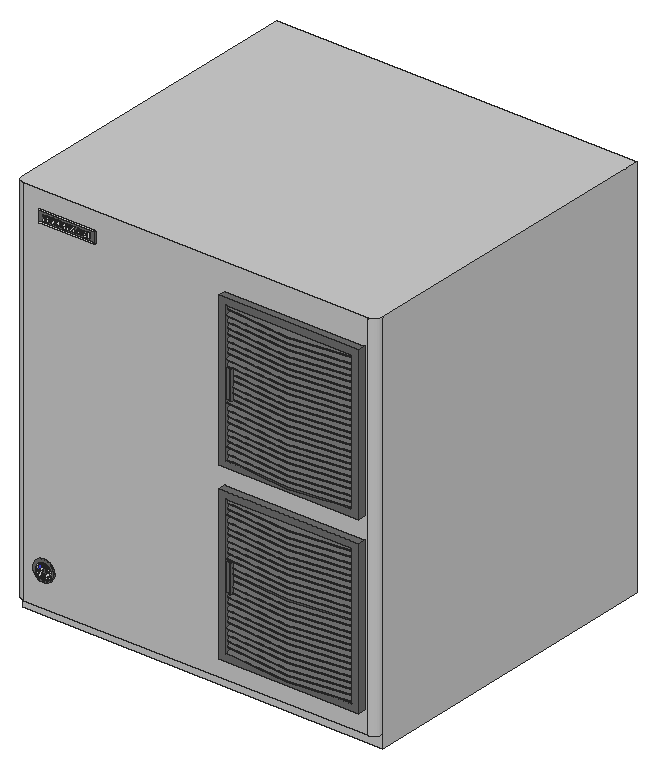
Revit family "QF_HOSHIZAKI_KM-470AJE-R452", category Specialty Equipment, Revit 2016
Family settings
  Part Type = Normal
  Round Connector Dimension = Use Diameter
  OmniClass Number = 23.40.40.14
  OmniClass Title = Food Service Equipment
  Work Plane-Based = No
  Always vertical = Yes
  Cut with Voids When Loaded = No
  Shared = No
  Room Calculation Point = No
Parameters (values of type "KM-470AJE-R452_230V/1Ph/50Hz")
  Weight = 122.00 kg
  Waste Remarks [instance] = ""
  Volts = 230 V
  URL Cutsheet = ""
  URL = "www.hoshizaki-europe.com"
  Status [instance] = ""
  Specification by User [instance] = ""
  Specification by Manufacturer [instance] = ""
  Serial Number = ""
  Seismic Rating = ""
  SMACNA No = ""
  Revision Code [instance] = ""
  Phase = 1
  Number of Poles = 2
  NAFEM Spec ID Number = ""
  Model = "KM-470AJE-R452"
  Min Ckt Ampacity = 0 A
  Max Overcurrent Protection = 0 A
  Masterspec = ""
  Manufacturer = "HOSHIZAKI"
  Length Actual = 768 mm
  Item Number [instance] = ""
  Installed By [instance] = ""
  Indirect Waste Size = 19.05 mm
  Indirect Waste Connection Type [instance] = ""
  Indirect Waste Connection Height [instance] = 31 mm
  Identify Quantity as Lot [instance] = no
  Height Actual = 825 mm
  HP power = ""
  Furnished By [instance] = ""
  Foodservice Equipment Identifier [instance] = yes
  FL Amps = 8 A
  Electric power = 1850 W
  Electric Connection Type [instance] = ""
  Elec Conn RI Height [instance] = 0 mm
  Elec Conn Connection Height [instance] = 781 mm
  Direct Waste RI Height [instance] = 0 mm
  Description = "MODULAR KM ICE MAKER, 495KG PER 24 HOURS, CRESCENT"
  Depth Actual = 695 mm
  Cycle = 50 Hz
  Cost = 0
  Conn Plug = ""
  Conn Conduit = no
  Cold Water Temperature Recommended = 0 °C
  Cold Water Size = 12.7 mm
  Cold Water Flow = 0.0 L/s
  Cold Water Connection Height [instance] = 775 mm
  CSI MasterFormat = ""
  Assembly Code = "E1090320"
  Apparent Power = 1850 VA
  Accessory = no
Reference planes
  plane 1 "Center (Front/Back)": y = 0
  plane 2: z = 0
  plane 3 "Center (Left/Right)": x = 0
Forms (mm)
  Extrusion 1, solid, not visible
    sketch origin (570, -2, 780) x (1, 0, 0) y (0, 1, 0)
      loop
        line (0, 0) -> (2, 0) -> (2, 2) -> (0, 2) -> (0, 0)
    from 0 to 2
  Extrusion 2, solid, not visible
    sketch origin (477, -2, 774) x (1, 0, 0) y (0, 1, 0)
      loop
        line (0, 0) -> (2, 0) -> (2, 2) -> (0, 2) -> (0, 0)
    from 0 to 2
  Extrusion 3, solid, not visible
    sketch origin (131, -2, 30) x (1, 0, 0) y (0, 1, 0)
      loop
        line (0, 0) -> (2, 0) -> (2, 2) -> (0, 2) -> (0, 0)
    from 0 to 2
Dimensions and locks
  aligned and locked: level to plane 2
Nested families
  nested 1: "QF_HOSHIZAKI_KM-470AJE-R452_230V_1Ph_50Hz" at (0, 0, 0), type "KM-470AJE-R452_230V/1Ph/50Hz"
    with Show Logo yes, Show Clearance yes
Connectors
  electrical at (571, 0, 781), driven by "Apparent Power", driven by "Number of Poles", driven by "Volts"
    settings: on Extrusion 1, index 1, voltage 230 V, apparent load 0 VA, apparent load phase1 1850 VA, apparent load phase2 0 VA, apparent load phase3 0 VA, power factor 1, load classification "Other", number of poles 2, system type 31, power factor state 1, is connector primary yes, connector utility no, sub classification motor no, connector description "Electric connection for 'KM-470AJE-R452'"
  piping at (478, 0, 775), diameter 12.7, driven by "Cold Water Size", driven by "Cold Water Flow"
    settings: on Extrusion 2, index 2, connector inside diameter 609.6 mm, connector length 0 mm, flow factor 0, pipe flow 0.0 L/s, pressure drop 0.0 Pa, fitting loss kfactor 0, connector angle 0.00°, fixture units 0, engagement length 0 mm, angle of deflection 0.00°, flow configuration 1, flow direction 1, fitting loss method 0, system type 20, joint type 0, gender type 0, connector reference index -1, connector utility 0, adjustable connector no, is connector primary yes, connector description "Cold Water connection for 'KM-470AJE-R452'"
  piping at (132, 0, 31), diameter 19.05, driven by "Indirect Waste Size"
    settings: on Extrusion 3, index 3, connector inside diameter 609.6 mm, connector length 0 mm, flow factor 0, pipe flow 0.0 L/s, pressure drop 0.0 Pa, fitting loss kfactor 0, connector angle 0.00°, fixture units 0, engagement length 0 mm, angle of deflection 0.00°, flow configuration 1, flow direction 2, fitting loss method 0, system type 16, joint type 0, gender type 0, connector reference index -1, connector utility 0, adjustable connector no, is connector primary no, connector description "Drain connection for 'KM-470AJE-R452'"
Definition of nested family "QF_HOSHIZAKI_KM-470AJE-R452_230V_1Ph_50Hz"
  Parameters (values of type "KM-470AJE-R452_230V/1Ph/50Hz")
    URL = "www.hoshizaki-europe.com"
    Show Logo [instance] = yes
    Show Clearance [instance] = yes
    Model = "KM-470AJE-R452"
    Manufacturer = "HOSHIZAKI"
    Description = "MODULAR KM ICE MAKER, 495KG PER 24 HOURS, CRESCENT"
    Assembly Code = "E1090320"
  Reference planes
    plane 1 "Back": y = 0
    plane 2: z = 0
    plane 3 "Left": x = 0
    plane 4 "Right": x = 768
    plane 5 "Front": y = -695
    plane 6 "Top": z = 825
  Forms (mm)
    Extrusion 1, solid
      sketch origin (0, 0, 0) x (1, 0, 0) y (0, 0, 1)
        loop
          circle (132, 31) r 14
        loop
          circle (132, 31) r 12
      from 0 to -20
    Extrusion 2, solid
      sketch origin (0, 0, 0) x (1, 0, 0) y (0, 0, 1)
        loop
          circle (478, 775) r 14
        loop
          circle (478, 775) r 12
      from 0 to -20
    Extrusion 3, solid, visible <- "Show Logo"
      sketch origin (25, -695, 213.5) x (-1, 0, 0) y (0, 0, 1)
        loop
          line (-34.966, 567.015) -> (-40.766, 567.015) -> (-40.766, 565.73) -> (-38.944, 564.902) -> (-38.944, 562.682) -> (-43.554, 562.682) -> (-43.554, 564.902) -> (-41.731, 565.73) -> (-41.731, 567.015) -> (-47.532, 567.015) -> (-47.532, 565.73) -> (-46.098, 564.902) -> (-46.098, 558.114) -> (-47.532, 557.286) -> (-47.532, 556) -> (-41.731, 556) -> (-41.731, 557.286) -> (-43.554, 558.114) -> (-43.554, 560.673) -> (-38.944, 560.673) -> (-38.944, 558.114) -> (-40.766, 557.286) -> (-40.766, 556) -> (-34.966, 556) -> (-34.966, 557.286) -> (-36.4, 558.114) -> (-36.4, 564.902) -> (-34.966, 565.73) -> (-34.966, 567.015)
        loop
          spline (-53.399, 556.042) -> (-51.878, 556.229) -> (-50.461, 556.777) -> (-49.244, 557.649) -> (-48.31, 558.785) -> (-47.723, 560.108) -> (-47.523, 561.528) -> (-47.723, 562.949) -> (-48.31, 564.272) -> (-49.244, 565.408) -> (-50.461, 566.28) -> (-51.878, 566.828) -> (-53.399, 567.015)
          spline (-53.399, 567.015) -> (-54.92, 566.828) -> (-56.337, 566.28) -> (-57.554, 565.408) -> (-58.488, 564.272) -> (-59.075, 562.949) -> (-59.276, 561.528) -> (-59.075, 560.108) -> (-58.488, 558.785) -> (-57.554, 557.649) -> (-56.337, 556.777) -> (-54.92, 556.229) -> (-53.399, 556.042)
        loop
          spline (-53.299, 557.388) -> (-52.547, 557.529) -> (-51.847, 557.943) -> (-51.245, 558.601) -> (-50.784, 559.458) -> (-50.493, 560.457) -> (-50.394, 561.528) -> (-50.493, 562.6) -> (-50.784, 563.598) -> (-51.245, 564.456) -> (-51.847, 565.114) -> (-52.547, 565.527) -> (-53.299, 565.668)
          spline (-53.299, 565.668) -> (-54.051, 565.527) -> (-54.752, 565.114) -> (-55.353, 564.456) -> (-55.815, 563.598) -> (-56.105, 562.6) -> (-56.204, 561.528) -> (-56.105, 560.457) -> (-55.815, 559.458) -> (-55.353, 558.601) -> (-54.752, 557.943) -> (-54.051, 557.529) -> (-53.299, 557.388)
        loop
          line (-69.829, 567.094) -> (-69.829, 563.369) -> (-68.139, 563.369) -> (-66.541, 565.495)
          arc (-66.541, 565.495) -> (-65.019, 565.695) -> (-63.498, 565.495) r 5.879
          arc (-63.498, 565.495) -> (-62.682, 564.432) -> (-63.498, 563.369) r 1.1
          line (-63.498, 563.369) -> (-69.29, 561.817)
          arc (-69.29, 561.817) -> (-70.234, 559.317) -> (-69.29, 556.817) r 3.783
          arc (-69.29, 556.817) -> (-65.84, 555.742) -> (-62.391, 556.817) r 6.071
          line (-62.391, 556.817) -> (-61.743, 556.17) -> (-59.855, 556.17) -> (-59.855, 559.779) -> (-61.862, 559.779) -> (-63.839, 557.802)
          arc (-63.839, 557.802) -> (-65.344, 557.537) -> (-66.85, 557.802) r 4.401
          arc (-66.85, 557.802) -> (-67.476, 558.697) -> (-66.85, 559.592) r 0.953
          line (-66.85, 559.592) -> (-61.612, 561.499)
          arc (-61.612, 561.499) -> (-59.989, 563.999) -> (-61.612, 566.499) r 2.737
          arc (-61.612, 566.499) -> (-64.578, 567.129) -> (-67.544, 566.499) r 7.289
          line (-67.544, 566.499) -> (-68.139, 567.094) -> (-69.829, 567.094)
        loop
          line (-71.301, 567.015) -> (-77.102, 567.015) -> (-77.102, 565.73) -> (-75.279, 564.902) -> (-75.279, 562.682) -> (-79.89, 562.682) -> (-79.89, 564.902) -> (-78.067, 565.73) -> (-78.067, 567.015) -> (-83.867, 567.015) -> (-83.867, 565.73) -> (-82.433, 564.902) -> (-82.433, 558.114) -> (-83.867, 557.286) -> (-83.867, 556) -> (-78.067, 556) -> (-78.067, 557.286) -> (-79.89, 558.114) -> (-79.89, 560.673) -> (-75.279, 560.673) -> (-75.279, 558.114) -> (-77.102, 557.286) -> (-77.102, 556) -> (-71.301, 556) -> (-71.301, 557.286) -> (-72.736, 558.114) -> (-72.736, 564.902) -> (-71.301, 565.73) -> (-71.301, 567.015)
        loop
          line (-90.776, 567.015) -> (-90.776, 565.73) -> (-89.342, 564.902) -> (-89.342, 558.114) -> (-90.776, 557.286) -> (-90.776, 556) -> (-84.989, 556) -> (-84.989, 557.286) -> (-86.423, 558.114) -> (-86.423, 564.902) -> (-84.989, 565.73) -> (-84.989, 567.015) -> (-90.776, 567.015)
        loop
          line (-92.073, 567.015) -> (-101.842, 567.015) -> (-101.842, 565.297) -> (-95.543, 557.791) -> (-98.873, 557.791) -> (-100.144, 558.681) -> (-100.144, 560.456) -> (-101.842, 560.456) -> (-101.842, 556) -> (-92.073, 556) -> (-92.073, 557.791) -> (-97.907, 564.744) -> (-97.907, 565.637) -> (-94.625, 565.637) -> (-93.746, 564.758) -> (-93.746, 562.341) -> (-92.073, 562.341) -> (-92.073, 567.015)
        loop
          line (-102.808, 556) -> (-102.808, 557.427) -> (-103.934, 557.427) -> (-107.808, 567.015) -> (-109.97, 567.015) -> (-113.886, 557.791) -> (-114.741, 557.791) -> (-114.741, 556) -> (-109.113, 556) -> (-109.113, 557.427) -> (-110.221, 557.427) -> (-111.13, 558.335) -> (-110.247, 559.596) -> (-106.153, 559.596) -> (-105.593, 558.058) -> (-106.224, 557.427) -> (-107.808, 557.427) -> (-107.808, 556) -> (-102.808, 556)
        loop
          line (-115.159, 567.015) -> (-120.444, 567.015) -> (-120.444, 565.595) -> (-119.405, 565.595) -> (-119.405, 561.351) -> (-123.648, 565.595) -> (-122.274, 565.595) -> (-122.274, 567.015) -> (-127.274, 567.015) -> (-127.274, 565.595) -> (-125.79, 565.595) -> (-123.002, 562.806) -> (-127.274, 557.791) -> (-128.486, 557.791) -> (-128.486, 556) -> (-122.274, 556) -> (-122.274, 557.791) -> (-123.993, 557.791) -> (-120.99, 560.794) -> (-119.405, 559.209) -> (-119.405, 557.791) -> (-120.444, 557.791) -> (-120.444, 556) -> (-115.444, 556) -> (-115.444, 557.791) -> (-116.869, 557.791) -> (-116.869, 565.595) -> (-115.159, 565.595) -> (-115.159, 567.015)
        loop
          line (-135, 567.015) -> (-135, 565.73) -> (-133.566, 564.902) -> (-133.566, 558.114) -> (-135, 557.286) -> (-135, 556) -> (-129.213, 556) -> (-129.213, 557.286) -> (-130.648, 558.114) -> (-130.648, 564.902) -> (-129.213, 565.73) -> (-129.213, 567.015) -> (-135, 567.015)
        loop
          line (-108.15, 564.538) -> (-109.61, 561.096) -> (-106.759, 561.096) -> (-108.15, 564.538)
      from 1 to -1.5
    Extrusion 4, solid, visible <- "Show Logo"
      sketch origin (25, -695, 213.5) x (-1, 0, 0) y (0, 0, 1)
        loop
          line (-25, 572) -> (-145, 572) -> (-145, 551) -> (-25, 551) -> (-25, 572)
      from 1 to -1
    Extrusion 5, solid, visible <- "Show Logo"
      sketch origin (25, -695, 213.5) x (-1, 0, 0) y (0, 0, 1)
        loop
          line (-28, 575) -> (-142, 575)
          arc (-142, 575) -> (-144.121, 574.121) -> (-145, 572) r 3
          line (-145, 572) -> (-25, 572)
          arc (-25, 572) -> (-25.879, 574.121) -> (-28, 575) r 3
        loop
          line (-142, 548) -> (-28, 548)
          arc (-28, 548) -> (-25.879, 548.879) -> (-25, 551) r 3
          line (-25, 551) -> (-145, 551)
          arc (-145, 551) -> (-144.121, 548.879) -> (-142, 548) r 3
      from 1 to -1
    Extrusion 6, solid, visible <- "Show Logo"
      sketch origin (519.884, -694.5, -1762.5) x (-1, 0, 0) y (0, 0, -1)
        loop
          circle (459.884, -1862.5) r 13.99
      from -0.5 to 2
    Extrusion 7, solid, visible <- "Show Logo"
      sketch origin (519.884, -695, -1762.5) x (-1, 0, 0) y (0, 0, -1)
        loop
          circle (459.884, -1862.5) r 15
        loop
          arc (446.884, -1862.5) -> (460.705, -1875.474) -> (472.781, -1860.863) r 13
          line (472.781, -1860.863) -> (470.355, -1858.437) -> (469.346, -1862.201) -> (466.355, -1863.928) -> (465.024, -1865.26) -> (463.375, -1865.26) -> (462.04, -1870.241) -> (457.755, -1870.241) -> (459.339, -1867.979) -> (460.402, -1864.014) -> (461.224, -1860.945) -> (462.416, -1856.497) -> (461.216, -1855.297) -> (459.433, -1857.843) -> (455.784, -1851.523) -> (460.361, -1851.523) -> (461.471, -1853.446) -> (469.213, -1853.446)
          arc (469.213, -1853.446) -> (460.394, -1849.51) -> (451.293, -1852.743) r 13
          line (451.293, -1852.743) -> (455.577, -1853.891) -> (453.752, -1856.497) -> (455.349, -1856.497) -> (454.477, -1866.459) -> (452.538, -1866.459) -> (446.884, -1862.5)
        loop
          line (447.853, -1857.467) -> (452.313, -1861.926) -> (450.144, -1853.891)
          arc (450.144, -1853.891) -> (448.878, -1855.602) -> (447.853, -1857.467) r 15.828
        loop
          line (463.583, -1862.877) -> (466.64, -1862.399) -> (464.901, -1861.285) -> (463.583, -1857.664) -> (463.583, -1862.877)
        loop
          line (464.827, -1855.979) -> (468.296, -1856.908) -> (469.573, -1854.916) -> (468.881, -1854.224) -> (467.914, -1855.035) -> (464.827, -1855.979)
        loop
          line (462.609, -1872.307) -> (462.609, -1874.009) -> (464.927, -1873.388) -> (462.609, -1872.307)
        loop
          line (460.361, -1874.662) -> (459.594, -1873.335) -> (460.801, -1872.638) -> (459.186, -1872.205) -> (458.298, -1874.11) -> (460.361, -1874.662)
        loop
          line (459.623, -1846.783) -> (460.706, -1845.701) -> (462.247, -1845.701) -> (461.191, -1844.645) -> (461.503, -1842.874) -> (459.623, -1843.959) -> (457.743, -1842.874) -> (458.055, -1844.645) -> (456.999, -1845.701) -> (458.54, -1845.701) -> (459.623, -1846.783)
        loop
          line (446.86, -1853.7) -> (446.594, -1852.191) -> (447.478, -1850.929) -> (446.007, -1851.188) -> (444.736, -1849.917) -> (444.547, -1852.08) -> (442.579, -1852.997) -> (444.209, -1853.757) -> (444.468, -1855.228) -> (445.352, -1853.965) -> (446.86, -1853.7)
        loop
          line (452.395, -1848.68) -> (452.856, -1847.219) -> (454.223, -1846.508) -> (452.799, -1846.059) -> (452.258, -1844.344) -> (451.091, -1846.175) -> (448.922, -1846.08) -> (450.017, -1847.507) -> (449.568, -1848.931) -> (450.935, -1848.219) -> (452.395, -1848.68)
        loop
          line (472.909, -1853.7) -> (474.417, -1853.965) -> (475.301, -1855.228) -> (475.56, -1853.757) -> (477.19, -1852.997) -> (475.222, -1852.08) -> (475.033, -1849.917) -> (473.761, -1851.188) -> (472.291, -1850.929) -> (473.175, -1852.191) -> (472.909, -1853.7)
        loop
          line (467.374, -1848.68) -> (468.834, -1848.219) -> (470.201, -1848.931) -> (469.752, -1847.507) -> (470.847, -1846.08) -> (468.678, -1846.175) -> (467.511, -1844.344) -> (466.97, -1846.059) -> (465.546, -1846.508) -> (466.913, -1847.219) -> (467.374, -1848.68)
      from 0 to 2
    Extrusion 8, solid, visible <- "Show Logo"
      sketch origin (519.884, -695, -1762.5) x (-1, 0, 0) y (0, 0, -1)
        loop
          line (462.609, -1874.009) -> (462.609, -1872.307) -> (462.085, -1870.241) -> (457.755, -1870.241) -> (459.339, -1867.979) -> (462.416, -1856.497) -> (461.216, -1855.297) -> (459.433, -1857.843) -> (455.808, -1851.565) -> (453.948, -1851.565) -> (455.577, -1853.891) -> (454.477, -1866.459) -> (456.345, -1871.339)
          arc (456.345, -1871.339) -> (456.868, -1874.025) -> (459.213, -1875.435) r 3.366
          arc (459.213, -1875.435) -> (460.198, -1875.496) -> (461.183, -1875.435) r 8.046
          line (461.183, -1875.435) -> (462.609, -1874.009)
        loop
          line (456.854, -1851.523) -> (460.361, -1851.523) -> (460.916, -1852.485) -> (462.702, -1852.485) -> (463.779, -1851.407) -> (460.623, -1851.407) -> (461.563, -1850.468) -> (456.245, -1850.468) -> (456.854, -1851.523)
        loop
          line (460.361, -1874.662) -> (459.594, -1873.335) -> (460.801, -1872.638) -> (459.186, -1872.205) -> (458.298, -1874.11) -> (460.361, -1874.662)
      from 0 to 2
    Extrusion 9, solid, visible <- "Show Logo"
      sketch origin (-265.5, -694, -338.904) x (1, 0, 0) y (0, 0, 1)
        loop
          circle (325.5, 438.904) r 22.5
      from 0 to 2
    Extrusion 10, solid
      sketch origin (-119.5, -567, 438.5) x (0, 1, 0) y (0, 0, 1)
        loop
          line (-128, 316.5) -> (-131, 316.5) -> (-131, 19.5) -> (-128, 19.5) -> (-128, 316.5)
      from 849.5 to 580.5
    Extrusion 11, solid
      sketch origin (359, -695, 290) x (-1, 0, 0) y (0, 0, 1)
        loop
          line (-88, 154) -> (-88, 479) -> (-385, 479) -> (-385, 154) -> (-88, 154)
        loop
          line (-102, 465) -> (-371, 465) -> (-371, 168) -> (-102, 168) -> (-102, 465)
      from 0 to -16
    Extrusion 12, solid
      sketch origin (282.25, -313.885, 959.605) x (1, 0, 0) y (0, 0.866025, 0.5)
        loop
          line (178.75, -443) -> (178.75, -454.448)
          arc (178.75, -454.448) -> (313.275, -462.644) -> (447.75, -453.672) r 1057.927
          line (447.75, -453.672) -> (447.75, -443) -> (178.75, -443)
      from 2 to 5
    Extrusion 13, solid
      sketch origin (0, 0, 0) x (1, 0, 0) y (0, 1, 0)
        loop
          line (0, 0) -> (0, -677)
          arc (0, -677) -> (5.272, -689.728) -> (18, -695) r 18
          line (18, -695) -> (750, -695)
          arc (750, -695) -> (762.728, -689.728) -> (768, -677) r 18
          line (768, -677) -> (768, 0) -> (0, 0)
      from 0 to 825
    Extrusion 14, solid
      sketch origin (282.25, -313.885, 947.605) x (1, 0, 0) y (0, 0.866025, 0.5)
        loop
          line (178.75, -443) -> (178.75, -454.448)
          arc (178.75, -454.448) -> (313.275, -462.644) -> (447.75, -453.672) r 1057.927
          line (447.75, -453.672) -> (447.75, -443) -> (178.75, -443)
      from 2 to 5
    Extrusion 15, solid
      sketch origin (282.25, -313.885, 935.605) x (1, 0, 0) y (0, 0.866025, 0.5)
        loop
          line (178.75, -443) -> (178.75, -454.448)
          arc (178.75, -454.448) -> (313.275, -462.644) -> (447.75, -453.672) r 1057.927
          line (447.75, -453.672) -> (447.75, -443) -> (178.75, -443)
      from 2 to 5
    Extrusion 16, solid
      sketch origin (282.25, -313.885, 923.605) x (1, 0, 0) y (0, 0.866025, 0.5)
        loop
          line (178.75, -443) -> (178.75, -454.448)
          arc (178.75, -454.448) -> (313.275, -462.644) -> (447.75, -453.672) r 1057.927
          line (447.75, -453.672) -> (447.75, -443) -> (178.75, -443)
      from 2 to 5
    Extrusion 17, solid
      sketch origin (282.25, -313.885, 911.605) x (1, 0, 0) y (0, 0.866025, 0.5)
        loop
          line (178.75, -443) -> (178.75, -454.448)
          arc (178.75, -454.448) -> (313.275, -462.644) -> (447.75, -453.672) r 1057.927
          line (447.75, -453.672) -> (447.75, -443) -> (178.75, -443)
      from 2 to 5
    Extrusion 18, solid
      sketch origin (282.25, -313.885, 899.605) x (1, 0, 0) y (0, 0.866025, 0.5)
        loop
          line (178.75, -443) -> (178.75, -454.448)
          arc (178.75, -454.448) -> (313.275, -462.644) -> (447.75, -453.672) r 1057.927
          line (447.75, -453.672) -> (447.75, -443) -> (178.75, -443)
      from 2 to 5
    Extrusion 19, solid
      sketch origin (282.25, -313.885, 887.605) x (1, 0, 0) y (0, 0.866025, 0.5)
        loop
          line (178.75, -443) -> (178.75, -454.448)
          arc (178.75, -454.448) -> (313.275, -462.644) -> (447.75, -453.672) r 1057.927
          line (447.75, -453.672) -> (447.75, -443) -> (178.75, -443)
      from 2 to 5
    Extrusion 20, solid
      sketch origin (282.25, -313.885, 875.605) x (1, 0, 0) y (0, 0.866025, 0.5)
        loop
          line (178.75, -443) -> (178.75, -454.448)
          arc (178.75, -454.448) -> (313.275, -462.644) -> (447.75, -453.672) r 1057.927
          line (447.75, -453.672) -> (447.75, -443) -> (178.75, -443)
      from 2 to 5
    Extrusion 21, solid
      sketch origin (282.25, -313.885, 863.605) x (1, 0, 0) y (0, 0.866025, 0.5)
        loop
          line (178.75, -443) -> (178.75, -454.448)
          arc (178.75, -454.448) -> (313.275, -462.644) -> (447.75, -453.672) r 1057.927
          line (447.75, -453.672) -> (447.75, -443) -> (178.75, -443)
      from 2 to 5
    Extrusion 22, solid
      sketch origin (282.25, -313.885, 851.605) x (1, 0, 0) y (0, 0.866025, 0.5)
        loop
          line (178.75, -443) -> (178.75, -454.448)
          arc (178.75, -454.448) -> (313.275, -462.644) -> (447.75, -453.672) r 1057.927
          line (447.75, -453.672) -> (447.75, -443) -> (178.75, -443)
      from 2 to 5
    Extrusion 23, solid
      sketch origin (282.25, -313.885, 839.605) x (1, 0, 0) y (0, 0.866025, 0.5)
        loop
          line (178.75, -443) -> (178.75, -454.448)
          arc (178.75, -454.448) -> (313.275, -462.644) -> (447.75, -453.672) r 1057.927
          line (447.75, -453.672) -> (447.75, -443) -> (178.75, -443)
      from 2 to 5
    Extrusion 24, solid
      sketch origin (282.25, -313.885, 827.605) x (1, 0, 0) y (0, 0.866025, 0.5)
        loop
          line (178.75, -443) -> (178.75, -454.448)
          arc (178.75, -454.448) -> (313.275, -462.644) -> (447.75, -453.672) r 1057.927
          line (447.75, -453.672) -> (447.75, -443) -> (178.75, -443)
      from 2 to 5
    Extrusion 25, solid
      sketch origin (282.25, -313.885, 815.605) x (1, 0, 0) y (0, 0.866025, 0.5)
        loop
          line (178.75, -443) -> (178.75, -454.448)
          arc (178.75, -454.448) -> (313.275, -462.644) -> (447.75, -453.672) r 1057.927
          line (447.75, -453.672) -> (447.75, -443) -> (178.75, -443)
      from 2 to 5
    Extrusion 26, solid
      sketch origin (282.25, -313.885, 803.605) x (1, 0, 0) y (0, 0.866025, 0.5)
        loop
          line (178.75, -443) -> (178.75, -454.448)
          arc (178.75, -454.448) -> (313.275, -462.644) -> (447.75, -453.672) r 1057.927
          line (447.75, -453.672) -> (447.75, -443) -> (178.75, -443)
      from 2 to 5
    Extrusion 27, solid
      sketch origin (282.25, -313.885, 791.605) x (1, 0, 0) y (0, 0.866025, 0.5)
        loop
          line (178.75, -443) -> (178.75, -454.448)
          arc (178.75, -454.448) -> (313.275, -462.644) -> (447.75, -453.672) r 1057.927
          line (447.75, -453.672) -> (447.75, -443) -> (178.75, -443)
      from 2 to 5
    Extrusion 28, solid
      sketch origin (282.25, -313.885, 779.605) x (1, 0, 0) y (0, 0.866025, 0.5)
        loop
          line (178.75, -443) -> (178.75, -454.448)
          arc (178.75, -454.448) -> (313.275, -462.644) -> (447.75, -453.672) r 1057.927
          line (447.75, -453.672) -> (447.75, -443) -> (178.75, -443)
      from 2 to 5
    Extrusion 29, solid
      sketch origin (282.25, -313.885, 767.605) x (1, 0, 0) y (0, 0.866025, 0.5)
        loop
          line (178.75, -443) -> (178.75, -454.448)
          arc (178.75, -454.448) -> (313.275, -462.644) -> (447.75, -453.672) r 1057.927
          line (447.75, -453.672) -> (447.75, -443) -> (178.75, -443)
      from 2 to 5
    Extrusion 30, solid
      sketch origin (282.25, -313.885, 755.605) x (1, 0, 0) y (0, 0.866025, 0.5)
        loop
          line (178.75, -443) -> (178.75, -454.448)
          arc (178.75, -454.448) -> (313.275, -462.644) -> (447.75, -453.672) r 1057.927
          line (447.75, -453.672) -> (447.75, -443) -> (178.75, -443)
      from 2 to 5
    Extrusion 31, solid
      sketch origin (282.25, -313.885, 743.605) x (1, 0, 0) y (0, 0.866025, 0.5)
        loop
          line (178.75, -443) -> (178.75, -454.448)
          arc (178.75, -454.448) -> (313.275, -462.644) -> (447.75, -453.672) r 1057.927
          line (447.75, -453.672) -> (447.75, -443) -> (178.75, -443)
      from 2 to 5
    Extrusion 32, solid
      sketch origin (282.25, -313.885, 731.605) x (1, 0, 0) y (0, 0.866025, 0.5)
        loop
          line (178.75, -443) -> (178.75, -454.448)
          arc (178.75, -454.448) -> (313.275, -462.644) -> (447.75, -453.672) r 1057.927
          line (447.75, -453.672) -> (447.75, -443) -> (178.75, -443)
      from 2 to 5
    Extrusion 33, solid
      sketch origin (282.25, -313.885, 719.605) x (1, 0, 0) y (0, 0.866025, 0.5)
        loop
          line (178.75, -443) -> (178.75, -454.448)
          arc (178.75, -454.448) -> (313.275, -462.644) -> (447.75, -453.672) r 1057.927
          line (447.75, -453.672) -> (447.75, -443) -> (178.75, -443)
      from 2 to 5
    Extrusion 34, solid
      sketch origin (282.25, -313.885, 707.605) x (1, 0, 0) y (0, 0.866025, 0.5)
        loop
          line (178.75, -443) -> (178.75, -454.448)
          arc (178.75, -454.448) -> (313.275, -462.644) -> (447.75, -453.672) r 1057.927
          line (447.75, -453.672) -> (447.75, -443) -> (178.75, -443)
      from 2 to 5
    Extrusion 35, solid
      sketch origin (282.25, -313.885, 695.605) x (1, 0, 0) y (0, 0.866025, 0.5)
        loop
          line (178.75, -443) -> (178.75, -454.448)
          arc (178.75, -454.448) -> (313.275, -462.644) -> (447.75, -453.672) r 1057.927
          line (447.75, -453.672) -> (447.75, -443) -> (178.75, -443)
      from 2 to 5
    Extrusion 36, solid
      sketch origin (282.25, -313.885, 683.605) x (1, 0, 0) y (0, 0.866025, 0.5)
        loop
          line (178.75, -443) -> (178.75, -454.448)
          arc (178.75, -454.448) -> (313.275, -462.644) -> (447.75, -453.672) r 1057.927
          line (447.75, -453.672) -> (447.75, -443) -> (178.75, -443)
      from 2 to 5
    Extrusion 37, solid
      sketch origin (0, -2, -0.5) x (1, 0, 0) y (0, 1, 0)
        loop
          line (472, -711) -> (474, -711) -> (474, -707) -> (461, -707) -> (461, -709) -> (472, -709) -> (472, -711)
      from 577 to 637
    Extrusion 38, void
      sketch origin (0, 0, 0) x (0, 1, 0) y (0, 0, 1)
        loop
          line (-695, 0) -> (-675, 0) -> (-675, 28) -> (-695, 28) -> (-695, 0)
      from 0 to 768
    Extrusion 39, solid
      sketch origin (-119.5, -567, 68.5) x (0, 1, 0) y (0, 0, 1)
        loop
          line (-128, 316.5) -> (-131, 316.5) -> (-131, 19.5) -> (-128, 19.5) -> (-128, 316.5)
      from 849.5 to 580.5
    Extrusion 40, solid
      sketch origin (359, -695, -80) x (-1, 0, 0) y (0, 0, 1)
        loop
          line (-88, 154) -> (-88, 479) -> (-385, 479) -> (-385, 154) -> (-88, 154)
        loop
          line (-102, 465) -> (-371, 465) -> (-371, 168) -> (-102, 168) -> (-102, 465)
      from 0 to -16
    Extrusion 41, solid
      sketch origin (282.25, -313.885, 589.605) x (1, 0, 0) y (0, 0.866025, 0.5)
        loop
          line (178.75, -443) -> (178.75, -454.448)
          arc (178.75, -454.448) -> (313.275, -462.644) -> (447.75, -453.672) r 1057.927
          line (447.75, -453.672) -> (447.75, -443) -> (178.75, -443)
      from 2 to 5
    Extrusion 42, solid
      sketch origin (282.25, -313.885, 577.605) x (1, 0, 0) y (0, 0.866025, 0.5)
        loop
          line (178.75, -443) -> (178.75, -454.448)
          arc (178.75, -454.448) -> (313.275, -462.644) -> (447.75, -453.672) r 1057.927
          line (447.75, -453.672) -> (447.75, -443) -> (178.75, -443)
      from 2 to 5
    Extrusion 43, solid
      sketch origin (282.25, -313.885, 565.605) x (1, 0, 0) y (0, 0.866025, 0.5)
        loop
          line (178.75, -443) -> (178.75, -454.448)
          arc (178.75, -454.448) -> (313.275, -462.644) -> (447.75, -453.672) r 1057.927
          line (447.75, -453.672) -> (447.75, -443) -> (178.75, -443)
      from 2 to 5
    Extrusion 44, solid
      sketch origin (282.25, -313.885, 553.605) x (1, 0, 0) y (0, 0.866025, 0.5)
        loop
          line (178.75, -443) -> (178.75, -454.448)
          arc (178.75, -454.448) -> (313.275, -462.644) -> (447.75, -453.672) r 1057.927
          line (447.75, -453.672) -> (447.75, -443) -> (178.75, -443)
      from 2 to 5
    Extrusion 45, solid
      sketch origin (282.25, -313.885, 541.605) x (1, 0, 0) y (0, 0.866025, 0.5)
        loop
          line (178.75, -443) -> (178.75, -454.448)
          arc (178.75, -454.448) -> (313.275, -462.644) -> (447.75, -453.672) r 1057.927
          line (447.75, -453.672) -> (447.75, -443) -> (178.75, -443)
      from 2 to 5
    Extrusion 46, solid
      sketch origin (282.25, -313.885, 529.605) x (1, 0, 0) y (0, 0.866025, 0.5)
        loop
          line (178.75, -443) -> (178.75, -454.448)
          arc (178.75, -454.448) -> (313.275, -462.644) -> (447.75, -453.672) r 1057.927
          line (447.75, -453.672) -> (447.75, -443) -> (178.75, -443)
      from 2 to 5
    Extrusion 47, solid
      sketch origin (282.25, -313.885, 517.605) x (1, 0, 0) y (0, 0.866025, 0.5)
        loop
          line (178.75, -443) -> (178.75, -454.448)
          arc (178.75, -454.448) -> (313.275, -462.644) -> (447.75, -453.672) r 1057.927
          line (447.75, -453.672) -> (447.75, -443) -> (178.75, -443)
      from 2 to 5
    Extrusion 48, solid
      sketch origin (282.25, -313.885, 505.605) x (1, 0, 0) y (0, 0.866025, 0.5)
        loop
          line (178.75, -443) -> (178.75, -454.448)
          arc (178.75, -454.448) -> (313.275, -462.644) -> (447.75, -453.672) r 1057.927
          line (447.75, -453.672) -> (447.75, -443) -> (178.75, -443)
      from 2 to 5
    Extrusion 49, solid
      sketch origin (282.25, -313.885, 493.605) x (1, 0, 0) y (0, 0.866025, 0.5)
        loop
          line (178.75, -443) -> (178.75, -454.448)
          arc (178.75, -454.448) -> (313.275, -462.644) -> (447.75, -453.672) r 1057.927
          line (447.75, -453.672) -> (447.75, -443) -> (178.75, -443)
      from 2 to 5
    Extrusion 50, solid
      sketch origin (282.25, -313.885, 481.605) x (1, 0, 0) y (0, 0.866025, 0.5)
        loop
          line (178.75, -443) -> (178.75, -454.448)
          arc (178.75, -454.448) -> (313.275, -462.644) -> (447.75, -453.672) r 1057.927
          line (447.75, -453.672) -> (447.75, -443) -> (178.75, -443)
      from 2 to 5
    Extrusion 51, solid
      sketch origin (282.25, -313.885, 469.605) x (1, 0, 0) y (0, 0.866025, 0.5)
        loop
          line (178.75, -443) -> (178.75, -454.448)
          arc (178.75, -454.448) -> (313.275, -462.644) -> (447.75, -453.672) r 1057.927
          line (447.75, -453.672) -> (447.75, -443) -> (178.75, -443)
      from 2 to 5
    Extrusion 52, solid
      sketch origin (282.25, -313.885, 457.605) x (1, 0, 0) y (0, 0.866025, 0.5)
        loop
          line (178.75, -443) -> (178.75, -454.448)
          arc (178.75, -454.448) -> (313.275, -462.644) -> (447.75, -453.672) r 1057.927
          line (447.75, -453.672) -> (447.75, -443) -> (178.75, -443)
      from 2 to 5
    Extrusion 53, solid
      sketch origin (282.25, -313.885, 445.605) x (1, 0, 0) y (0, 0.866025, 0.5)
        loop
          line (178.75, -443) -> (178.75, -454.448)
          arc (178.75, -454.448) -> (313.275, -462.644) -> (447.75, -453.672) r 1057.927
          line (447.75, -453.672) -> (447.75, -443) -> (178.75, -443)
      from 2 to 5
    Extrusion 54, solid
      sketch origin (282.25, -313.885, 433.605) x (1, 0, 0) y (0, 0.866025, 0.5)
        loop
          line (178.75, -443) -> (178.75, -454.448)
          arc (178.75, -454.448) -> (313.275, -462.644) -> (447.75, -453.672) r 1057.927
          line (447.75, -453.672) -> (447.75, -443) -> (178.75, -443)
      from 2 to 5
    Extrusion 55, solid
      sketch origin (282.25, -313.885, 421.605) x (1, 0, 0) y (0, 0.866025, 0.5)
        loop
          line (178.75, -443) -> (178.75, -454.448)
          arc (178.75, -454.448) -> (313.275, -462.644) -> (447.75, -453.672) r 1057.927
          line (447.75, -453.672) -> (447.75, -443) -> (178.75, -443)
      from 2 to 5
    Extrusion 56, solid
      sketch origin (282.25, -313.885, 409.605) x (1, 0, 0) y (0, 0.866025, 0.5)
        loop
          line (178.75, -443) -> (178.75, -454.448)
          arc (178.75, -454.448) -> (313.275, -462.644) -> (447.75, -453.672) r 1057.927
          line (447.75, -453.672) -> (447.75, -443) -> (178.75, -443)
      from 2 to 5
    Extrusion 57, solid
      sketch origin (282.25, -313.885, 397.605) x (1, 0, 0) y (0, 0.866025, 0.5)
        loop
          line (178.75, -443) -> (178.75, -454.448)
          arc (178.75, -454.448) -> (313.275, -462.644) -> (447.75, -453.672) r 1057.927
          line (447.75, -453.672) -> (447.75, -443) -> (178.75, -443)
      from 2 to 5
    Extrusion 58, solid
      sketch origin (282.25, -313.885, 385.605) x (1, 0, 0) y (0, 0.866025, 0.5)
        loop
          line (178.75, -443) -> (178.75, -454.448)
          arc (178.75, -454.448) -> (313.275, -462.644) -> (447.75, -453.672) r 1057.927
          line (447.75, -453.672) -> (447.75, -443) -> (178.75, -443)
      from 2 to 5
    Extrusion 59, solid
      sketch origin (282.25, -313.885, 373.605) x (1, 0, 0) y (0, 0.866025, 0.5)
        loop
          line (178.75, -443) -> (178.75, -454.448)
          arc (178.75, -454.448) -> (313.275, -462.644) -> (447.75, -453.672) r 1057.927
          line (447.75, -453.672) -> (447.75, -443) -> (178.75, -443)
      from 2 to 5
    Extrusion 60, solid
      sketch origin (282.25, -313.885, 361.605) x (1, 0, 0) y (0, 0.866025, 0.5)
        loop
          line (178.75, -443) -> (178.75, -454.448)
          arc (178.75, -454.448) -> (313.275, -462.644) -> (447.75, -453.672) r 1057.927
          line (447.75, -453.672) -> (447.75, -443) -> (178.75, -443)
      from 2 to 5
    Extrusion 61, solid
      sketch origin (282.25, -313.885, 349.605) x (1, 0, 0) y (0, 0.866025, 0.5)
        loop
          line (178.75, -443) -> (178.75, -454.448)
          arc (178.75, -454.448) -> (313.275, -462.644) -> (447.75, -453.672) r 1057.927
          line (447.75, -453.672) -> (447.75, -443) -> (178.75, -443)
      from 2 to 5
    Extrusion 62, solid
      sketch origin (282.25, -313.885, 337.605) x (1, 0, 0) y (0, 0.866025, 0.5)
        loop
          line (178.75, -443) -> (178.75, -454.448)
          arc (178.75, -454.448) -> (313.275, -462.644) -> (447.75, -453.672) r 1057.927
          line (447.75, -453.672) -> (447.75, -443) -> (178.75, -443)
      from 2 to 5
    Extrusion 63, solid
      sketch origin (282.25, -313.885, 325.605) x (1, 0, 0) y (0, 0.866025, 0.5)
        loop
          line (178.75, -443) -> (178.75, -454.448)
          arc (178.75, -454.448) -> (313.275, -462.644) -> (447.75, -453.672) r 1057.927
          line (447.75, -453.672) -> (447.75, -443) -> (178.75, -443)
      from 2 to 5
    Extrusion 64, solid
      sketch origin (282.25, -313.885, 313.605) x (1, 0, 0) y (0, 0.866025, 0.5)
        loop
          line (178.75, -443) -> (178.75, -454.448)
          arc (178.75, -454.448) -> (313.275, -462.644) -> (447.75, -453.672) r 1057.927
          line (447.75, -453.672) -> (447.75, -443) -> (178.75, -443)
      from 2 to 5
    Extrusion 65, solid
      sketch origin (0, -2, -370.5) x (1, 0, 0) y (0, 1, 0)
        loop
          line (472, -711) -> (474, -711) -> (474, -707) -> (461, -707) -> (461, -709) -> (472, -709) -> (472, -711)
      from 577 to 637
    Extrusion 66, solid
      sketch origin (282.25, -313.885, 971.605) x (1, 0, 0) y (0, 0.866025, 0.5)
        loop
          line (178.75, -443) -> (178.75, -454.448)
          arc (178.75, -454.448) -> (313.275, -462.644) -> (447.75, -453.672) r 1057.927
          line (447.75, -453.672) -> (447.75, -443) -> (178.75, -443)
      from 2 to 5
    Extrusion 67, solid
      sketch origin (282.25, -313.885, 601.605) x (1, 0, 0) y (0, 0.866025, 0.5)
        loop
          line (178.75, -443) -> (178.75, -454.448)
          arc (178.75, -454.448) -> (313.275, -462.644) -> (447.75, -453.672) r 1057.927
          line (447.75, -453.672) -> (447.75, -443) -> (178.75, -443)
      from 2 to 5
  Cuts and joins
    Extrusion 38 cuts Extrusion 13
  Lines and regions (mm)
    symbolic lines
      curve 1: line (0, 0, 0) -> (768, 0, 0)
      curve 2: line (0, -677, 0) -> (0, 0, 0)
      curve 3: line (750, -695, 0) -> (18, -695, 0)
      curve 4: line (768, 0, 0) -> (768, -677, 0)
      curve 5: line (464, 0, 0) -> (464, 20, 0)
      curve 6: line (464, 20, 0) -> (492, 20, 0)
      curve 7: line (492, 20, 0) -> (492, 0, 0)
      curve 8: line (118, 20, 0) -> (118, 0, 0)
      curve 9: line (146, 20, 0) -> (146, 0, 0)
      curve 10: line (146, 20, 0) -> (118, 20, 0)
      curve 11: line (744, -695, 0) -> (744, -711, 0)
      curve 12: line (744, -711, 0) -> (447, -711, 0)
      curve 13: line (447, -711, 0) -> (447, -695, 0)
      curve 14: arc (750, -695, 0) -> (762.728, -689.728, 0) -> (768, -677, 0) r 18
      curve 15: arc (18, -695, 0) -> (5.272, -689.728, 0) -> (0, -677, 0) r 18
  Dimensions and locks
    plane 3 "Left" to plane 4 "Right" = 768 mm
    plane 5 "Front" to plane 1 "Back" = 695 mm
    plane 6 "Top" to level = 825 mm
    aligned and locked: level to plane 2
